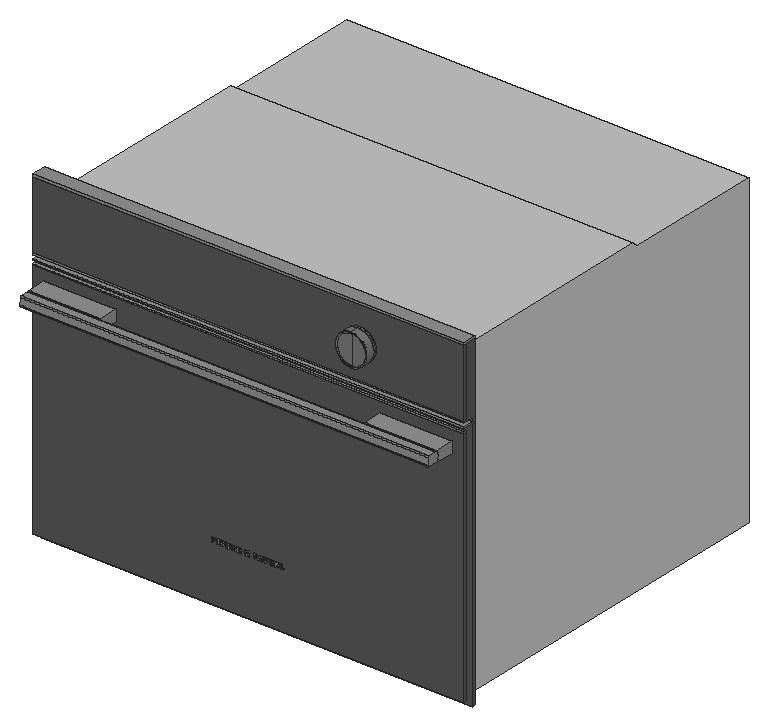
Revit family "FP-Revit19-en-OM24NMTDB1-CombinationSpeedOven-0-90003169A-US-CA", category Specialty Equipment, Revit 2019
Family settings
  Round Connector Dimension = Use Diameter
  Part Type = Normal
  OmniClass Number = 23.40.40.14.17.11
  OmniClass Title = Cookers, Ovens, Stoves
  Work Plane-Based = No
  Always vertical = Yes
  Cut with Voids When Loaded = Yes
  Shared = No
  Room Calculation Point = No
Parameters (values of type "OM24NMTDB1")
  Visibility - Clearance Required = yes
  URL = "www.fisherpaykel.com"
  Product - Height = 458 mm  # constant formula
  Product - Width = 596 mm  # constant formula
  Product - Depth (Exc. Handles) = 565 mm  # constant formula
  Opening - Height = 460 mm  # constant formula
  Model = "OM24NMTDB1"
  Material - Trim = Fisher & Paykel - Aluminium, Dark
  Material - Structure = Fisher & Paykel - Black
  Material - Handle = Fisher & Paykel - Aluminium, Dark
  Material - Glass = Fisher & Paykel - Glass, Black
  Material - Dial = Fisher & Paykel - Aluminium, Dark, Matt
  Material - Body = Fisher & Paykel - Grey
  Manufacturer = "Fisher & Paykel Appliances"
  FFL Offset [instance] = 915 mm
  Description = "Combination Microwave Speed Oven, 24\", 22 Function"
  Connector Description - Electrical = "208-240V , 50Hz , 25A"
  Chassis - Width = 556 mm  # constant formula
  Chassis - Height = 435 mm  # constant formula
  Chassis - Depth = 545 mm  # constant formula
  Cavity - Width = 560 mm  # constant formula
  Cavity - Height = 440 mm  # constant formula
  Cavity - Depth = 550 mm  # constant formula
Reference planes
  plane 1 "Datum": y = 0
  plane 2: z = -2
  plane 3 "Center (Left/Right)": x = 0
  plane 4 "Product - LHS": x = -298
  plane 5 "Product - RHS": x = 298
  plane 6 "Cavity - RHS": x = 280
  plane 7 "FFL Offset": z = 913
  plane 8 "Front Face": y = -20
  plane 9 "Chassis - Depth": y = 545
  plane 10 "Cavity - LHS": x = -280
  plane 11 "Opening - RHS": x = 300
  plane 12 "Opening - LHS": x = -300
  plane 13 "Chassis - LHS": x = -278
  plane 14 "Chassis - RHS": x = 278
  plane 15 "Chassis - Height": z = 1348
  plane 16 "Product - Height": z = 1371
  plane 17 "Cavity - Height": z = 1353
  plane 18 "Opening - Height": z = 1373
  plane 19 "Cavity - Depth": y = 550
Forms (mm)
  Extrusion 1, solid, material "Fisher & Paykel - Grey" <- "Material - Body"
    sketch origin (0, 0, 0) x (0, 1, 0) y (0, 0, 1)
      loop
        line (0, 1348) -> (0, 913) -> (528.001, 913) -> (528.001, 963) -> (545.001, 983) -> (545.001, 1178) -> (498, 1233) -> (498, 1341) -> (305, 1341) -> (298, 1348) -> (0, 1348)
    from -278 to 278
  Extrusion 2, solid, material "Fisher & Paykel - Black" <- "Material - Structure", detail levels fine
    sketch origin (0, 0, 0) x (0, 1, 0) y (0, 0, 1)
      loop
        line (0, 1367.7) -> (-16, 1367.7) -> (-16, 1271) -> (-4, 1271) -> (-4, 913) -> (0, 913) -> (0, 1367.7)
    from -298 to 298
  Extrusion 3, solid, material "Fisher & Paykel - Glass, Black" <- "Material - Glass", detail levels fine
    sketch origin (0, 0, -3) x (0, 1, 0) y (0, 0, 1)
      loop
        line (-20, 1261.4) -> (-20, 927.8) -> (-16, 927.8) -> (-16, 1261.4) -> (-20, 1261.4)
      loop
        line (-20, 1275.8) -> (-16, 1275.8) -> (-16, 1370.7) -> (-20, 1370.7) -> (-20, 1275.8)
    from -298 to 298
  Extrusion 4, solid, material "Fisher & Paykel - Clearance Required", visible <- "Visibility - Clearance Required", detail levels coarse
    sketch origin (0, 0, -2) x (1, 0, 0) y (0, 1, 0)
      loop
        line (-280, 0) -> (280, 0) -> (280, 550) -> (-280, 550) -> (-280, 0)
    from 915 to 1355
  Extrusion 5, void
    sketch origin (0, 0, 0) x (0, 1, 0) y (0, 0, 1)
      loop
        line (-20, 913) -> (0, 913) -> (0, 1373) -> (-20, 1373) -> (-20, 913)
    from -300 to 300
  Extrusion 6, solid, material "Fisher & Paykel - Aluminium, Dark" <- "Material - Trim", detail levels fine
    sketch origin (0, 0, -1.199) x (0, 1, 0) y (0, 0, 1)
      loop
        line (-16, 1272.199) -> (-16, 1273.999) -> (-20, 1273.999) -> (-20, 1272.199) -> (-16, 1272.199)
      loop
        line (-16, 1259.599) -> (-16, 1261.199) -> (-20, 1261.199) -> (-20, 1259.599) -> (-16, 1259.599)
      loop
        line (-4, 1265.799) -> (-4, 1267.399) -> (-20, 1267.399) -> (-20, 1265.799) -> (-4, 1265.799)
      loop
        line (0, 1368.899) -> (0, 1372.199) -> (-20, 1372.199) -> (-20, 1368.899) -> (0, 1368.899)
    from -298 to 298
  Extrusion 7, void
    sketch origin (0, 52, -2) x (1, 0, 0) y (0, 1, 0)
      loop
        line (229, 446) -> (278, 446) -> (278, 492.978) -> (201.878, 492.978) -> (229, 446)
      loop
        line (-229, 446) -> (-201.878, 492.978) -> (-278, 492.978) -> (-278, 446) -> (-229, 446)
    from 915 to 1355
  Extrusion 8, void
    sketch origin (0, 0, -2) x (1, 0, 0) y (0, 1, 0)
      loop
        line (-280, 0) -> (280, 0) -> (280, 550) -> (-280, 550) -> (-280, 0)
    from 915 to 1355
  Extrusion 9, solid, material "Fisher & Paykel - Glass, Black" <- "Material - Glass", detail levels coarse+medium
    sketch origin (0, 0, 0) x (0, 1, 0) y (0, 0, 1)
      loop
        line (0, 1371) -> (-20, 1371) -> (-20, 1271) -> (-4, 1271) -> (-4, 1266.2) -> (-4, 1257.5) -> (-16, 1257.5) -> (-16, 1260) -> (-20, 1260) -> (-20, 924.8) -> (-4, 924.8) -> (-4, 913) -> (0, 913) -> (0, 1371)
    from -298 to 298
  Extrusion 10, solid, material "Fisher & Paykel - Black", detail levels fine
    sketch origin (0, 0, 0) x (0, 1, 0) y (0, 0, 1)
      loop
        line (-16, 1257.5) -> (-16, 924.8) -> (-4, 924.8) -> (-4, 1257.5) -> (-16, 1257.5)
    from -278 to 278
  Extrusion 11, solid, material "Fisher & Paykel - Clearance Required", visible <- "Visibility - Clearance Required", detail levels coarse
    sketch origin (0, 0, -15) x (0, 1, 0) y (0, 0, 1)
      loop
        line (-20, 942.07) -> (-20, 928) -> (0, 928) -> (0, 1388) -> (-20, 1388) -> (-20, 1275)
        arc (-20, 1275) -> (-242.697, 1199.786) -> (-349.951, 990.626) r 312.455
        line (-349.951, 990.626) -> (-323.58, 986.745) -> (-329.921, 943.657) -> (-313.601, 941.256) -> (-307.26, 984.344) -> (-20, 942.07)
    from -300 to 300
  Extrusion 12, void
    sketch origin (0, 0, 0) x (1, 0, 0) y (0, 0, 1)
      loop
        line (-132, 1255) -> (-140, 1255) -> (-140, 1247) -> (-132, 1247) -> (-132, 1255)
      loop
        line (-141, 1255) -> (-149, 1255) -> (-149, 1247) -> (-141, 1247) -> (-141, 1255)
      loop
        line (-150, 1255) -> (-158, 1255) -> (-158, 1247) -> (-150, 1247) -> (-150, 1255)
      loop
        line (-159, 1255) -> (-167, 1255) -> (-167, 1247) -> (-159, 1247) -> (-159, 1255)
      loop
        line (-168, 1255) -> (-176, 1255) -> (-176, 1247) -> (-168, 1247) -> (-168, 1255)
      loop
        line (-177, 1255) -> (-185, 1255) -> (-185, 1247) -> (-177, 1247) -> (-177, 1255)
      loop
        line (-186, 1255) -> (-194, 1255) -> (-194, 1247) -> (-186, 1247) -> (-186, 1255)
      loop
        line (-195, 1255) -> (-203, 1255) -> (-203, 1247) -> (-195, 1247) -> (-195, 1255)
      loop
        line (-204, 1255) -> (-212, 1255) -> (-212, 1247) -> (-204, 1247) -> (-204, 1255)
      loop
        line (-213, 1255) -> (-221, 1255) -> (-221, 1247) -> (-213, 1247) -> (-213, 1255)
      loop
        line (-222, 1255) -> (-230, 1255) -> (-230, 1247) -> (-222, 1247) -> (-222, 1255)
      loop
        line (-231, 1255) -> (-239, 1255) -> (-239, 1247) -> (-231, 1247) -> (-231, 1255)
      loop
        line (-240, 1255) -> (-248, 1255) -> (-248, 1247) -> (-240, 1247) -> (-240, 1255)
      loop
        line (-249, 1255) -> (-257, 1255) -> (-257, 1247) -> (-249, 1247) -> (-249, 1255)
      loop
        line (-258, 1255) -> (-266, 1255) -> (-266, 1247) -> (-258, 1247) -> (-258, 1255)
      loop
        line (-213, 1246) -> (-221, 1246) -> (-221, 1238) -> (-213, 1238) -> (-213, 1246)
      loop
        line (-222, 1246) -> (-230, 1246) -> (-230, 1238) -> (-222, 1238) -> (-222, 1246)
      loop
        line (-231, 1246) -> (-239, 1246) -> (-239, 1238) -> (-231, 1238) -> (-231, 1246)
      loop
        line (-240, 1246) -> (-248, 1246) -> (-248, 1238) -> (-240, 1238) -> (-240, 1246)
      loop
        line (-249, 1246) -> (-257, 1246) -> (-257, 1238) -> (-249, 1238) -> (-249, 1246)
      loop
        line (-258, 1246) -> (-266, 1246) -> (-266, 1238) -> (-258, 1238) -> (-258, 1246)
      loop
        line (-132, 1264) -> (-140, 1264) -> (-140, 1256) -> (-132, 1256) -> (-132, 1264)
      loop
        line (-141, 1264) -> (-149, 1264) -> (-149, 1256) -> (-141, 1256) -> (-141, 1264)
      loop
        line (-150, 1264) -> (-158, 1264) -> (-158, 1256) -> (-150, 1256) -> (-150, 1264)
      loop
        line (-159, 1264) -> (-167, 1264) -> (-167, 1256) -> (-159, 1256) -> (-159, 1264)
      loop
        line (-168, 1264) -> (-176, 1264) -> (-176, 1256) -> (-168, 1256) -> (-168, 1264)
      loop
        line (-177, 1264) -> (-185, 1264) -> (-185, 1256) -> (-177, 1256) -> (-177, 1264)
      loop
        line (-186, 1264) -> (-194, 1264) -> (-194, 1256) -> (-186, 1256) -> (-186, 1264)
      loop
        line (-195, 1264) -> (-203, 1264) -> (-203, 1256) -> (-195, 1256) -> (-195, 1264)
      loop
        line (-204, 1264) -> (-212, 1264) -> (-212, 1256) -> (-204, 1256) -> (-204, 1264)
      loop
        line (-213, 1264) -> (-221, 1264) -> (-221, 1256) -> (-213, 1256) -> (-213, 1264)
      loop
        line (-222, 1264) -> (-230, 1264) -> (-230, 1256) -> (-222, 1256) -> (-222, 1264)
      loop
        line (-231, 1264) -> (-239, 1264) -> (-239, 1256) -> (-231, 1256) -> (-231, 1264)
      loop
        line (-240, 1264) -> (-248, 1264) -> (-248, 1256) -> (-240, 1256) -> (-240, 1264)
      loop
        line (-249, 1264) -> (-257, 1264) -> (-257, 1256) -> (-249, 1256) -> (-249, 1264)
      loop
        line (-258, 1264) -> (-266, 1264) -> (-266, 1256) -> (-258, 1256) -> (-258, 1264)
      loop
        line (-132, 1273) -> (-140, 1273) -> (-140, 1265) -> (-132, 1265) -> (-132, 1273)
      loop
        line (-141, 1273) -> (-149, 1273) -> (-149, 1265) -> (-141, 1265) -> (-141, 1273)
      loop
        line (-150, 1273) -> (-158, 1273) -> (-158, 1265) -> (-150, 1265) -> (-150, 1273)
      loop
        line (-159, 1273) -> (-167, 1273) -> (-167, 1265) -> (-159, 1265) -> (-159, 1273)
      loop
        line (-168, 1273) -> (-176, 1273) -> (-176, 1265) -> (-168, 1265) -> (-168, 1273)
      loop
        line (-177, 1273) -> (-185, 1273) -> (-185, 1265) -> (-177, 1265) -> (-177, 1273)
      loop
        line (-186, 1273) -> (-194, 1273) -> (-194, 1265) -> (-186, 1265) -> (-186, 1273)
      loop
        line (-195, 1273) -> (-203, 1273) -> (-203, 1265) -> (-195, 1265) -> (-195, 1273)
      loop
        line (-204, 1273) -> (-212, 1273) -> (-212, 1265) -> (-204, 1265) -> (-204, 1273)
      loop
        line (-213, 1273) -> (-221, 1273) -> (-221, 1265) -> (-213, 1265) -> (-213, 1273)
      loop
        line (-222, 1273) -> (-230, 1273) -> (-230, 1265) -> (-222, 1265) -> (-222, 1273)
      loop
        line (-231, 1273) -> (-239, 1273) -> (-239, 1265) -> (-231, 1265) -> (-231, 1273)
      loop
        line (-240, 1273) -> (-248, 1273) -> (-248, 1265) -> (-240, 1265) -> (-240, 1273)
      loop
        line (-249, 1273) -> (-257, 1273) -> (-257, 1265) -> (-249, 1265) -> (-249, 1273)
      loop
        line (-258, 1273) -> (-266, 1273) -> (-266, 1265) -> (-258, 1265) -> (-258, 1273)
      loop
        line (-132, 1282) -> (-140, 1282) -> (-140, 1274) -> (-132, 1274) -> (-132, 1282)
      loop
        line (-141, 1282) -> (-149, 1282) -> (-149, 1274) -> (-141, 1274) -> (-141, 1282)
      loop
        line (-150, 1282) -> (-158, 1282) -> (-158, 1274) -> (-150, 1274) -> (-150, 1282)
      loop
        line (-159, 1282) -> (-167, 1282) -> (-167, 1274) -> (-159, 1274) -> (-159, 1282)
      loop
        line (-168, 1282) -> (-176, 1282) -> (-176, 1274) -> (-168, 1274) -> (-168, 1282)
      loop
        line (-177, 1282) -> (-185, 1282) -> (-185, 1274) -> (-177, 1274) -> (-177, 1282)
      loop
        line (-186, 1282) -> (-194, 1282) -> (-194, 1274) -> (-186, 1274) -> (-186, 1282)
      loop
        line (-195, 1282) -> (-203, 1282) -> (-203, 1274) -> (-195, 1274) -> (-195, 1282)
      loop
        line (-204, 1282) -> (-212, 1282) -> (-212, 1274) -> (-204, 1274) -> (-204, 1282)
      loop
        line (-213, 1282) -> (-221, 1282) -> (-221, 1274) -> (-213, 1274) -> (-213, 1282)
      loop
        line (-222, 1282) -> (-230, 1282) -> (-230, 1274) -> (-222, 1274) -> (-222, 1282)
      loop
        line (-231, 1282) -> (-239, 1282) -> (-239, 1274) -> (-231, 1274) -> (-231, 1282)
      loop
        line (-240, 1282) -> (-248, 1282) -> (-248, 1274) -> (-240, 1274) -> (-240, 1282)
      loop
        line (-249, 1282) -> (-257, 1282) -> (-257, 1274) -> (-249, 1274) -> (-249, 1282)
      loop
        line (-258, 1282) -> (-266, 1282) -> (-266, 1274) -> (-258, 1274) -> (-258, 1282)
      loop
        line (-132, 1291) -> (-140, 1291) -> (-140, 1283) -> (-132, 1283) -> (-132, 1291)
      loop
        line (-141, 1291) -> (-149, 1291) -> (-149, 1283) -> (-141, 1283) -> (-141, 1291)
      loop
        line (-150, 1291) -> (-158, 1291) -> (-158, 1283) -> (-150, 1283) -> (-150, 1291)
      loop
        line (-159, 1291) -> (-167, 1291) -> (-167, 1283) -> (-159, 1283) -> (-159, 1291)
      loop
        line (-168, 1291) -> (-176, 1291) -> (-176, 1283) -> (-168, 1283) -> (-168, 1291)
      loop
        line (-177, 1291) -> (-185, 1291) -> (-185, 1283) -> (-177, 1283) -> (-177, 1291)
      loop
        line (-186, 1291) -> (-194, 1291) -> (-194, 1283) -> (-186, 1283) -> (-186, 1291)
      loop
        line (-195, 1291) -> (-203, 1291) -> (-203, 1283) -> (-195, 1283) -> (-195, 1291)
      loop
        line (-204, 1291) -> (-212, 1291) -> (-212, 1283) -> (-204, 1283) -> (-204, 1291)
      loop
        line (-213, 1291) -> (-221, 1291) -> (-221, 1283) -> (-213, 1283) -> (-213, 1291)
      loop
        line (-222, 1291) -> (-230, 1291) -> (-230, 1283) -> (-222, 1283) -> (-222, 1291)
      loop
        line (-231, 1291) -> (-239, 1291) -> (-239, 1283) -> (-231, 1283) -> (-231, 1291)
      loop
        line (-240, 1291) -> (-248, 1291) -> (-248, 1283) -> (-240, 1283) -> (-240, 1291)
      loop
        line (-249, 1291) -> (-257, 1291) -> (-257, 1283) -> (-249, 1283) -> (-249, 1291)
      loop
        line (-258, 1291) -> (-266, 1291) -> (-266, 1283) -> (-258, 1283) -> (-258, 1291)
      loop
        line (-132, 1300) -> (-140, 1300) -> (-140, 1292) -> (-132, 1292) -> (-132, 1300)
      loop
        line (-141, 1300) -> (-149, 1300) -> (-149, 1292) -> (-141, 1292) -> (-141, 1300)
      loop
        line (-150, 1300) -> (-158, 1300) -> (-158, 1292) -> (-150, 1292) -> (-150, 1300)
      loop
        line (-159, 1300) -> (-167, 1300) -> (-167, 1292) -> (-159, 1292) -> (-159, 1300)
      loop
        line (-168, 1300) -> (-176, 1300) -> (-176, 1292) -> (-168, 1292) -> (-168, 1300)
      loop
        line (-177, 1300) -> (-185, 1300) -> (-185, 1292) -> (-177, 1292) -> (-177, 1300)
      loop
        line (-186, 1300) -> (-194, 1300) -> (-194, 1292) -> (-186, 1292) -> (-186, 1300)
      loop
        line (-195, 1300) -> (-203, 1300) -> (-203, 1292) -> (-195, 1292) -> (-195, 1300)
      loop
        line (-204, 1300) -> (-212, 1300) -> (-212, 1292) -> (-204, 1292) -> (-204, 1300)
      loop
        line (-213, 1300) -> (-221, 1300) -> (-221, 1292) -> (-213, 1292) -> (-213, 1300)
      loop
        line (-222, 1300) -> (-230, 1300) -> (-230, 1292) -> (-222, 1292) -> (-222, 1300)
      loop
        line (-231, 1300) -> (-239, 1300) -> (-239, 1292) -> (-231, 1292) -> (-231, 1300)
      loop
        line (-240, 1300) -> (-248, 1300) -> (-248, 1292) -> (-240, 1292) -> (-240, 1300)
      loop
        line (-249, 1300) -> (-257, 1300) -> (-257, 1292) -> (-249, 1292) -> (-249, 1300)
      loop
        line (-258, 1300) -> (-266, 1300) -> (-266, 1292) -> (-258, 1292) -> (-258, 1300)
      loop
        line (-204, 1309) -> (-212, 1309) -> (-212, 1301) -> (-204, 1301) -> (-204, 1309)
      loop
        line (-213, 1309) -> (-221, 1309) -> (-221, 1301) -> (-213, 1301) -> (-213, 1309)
      loop
        line (-222, 1309) -> (-230, 1309) -> (-230, 1301) -> (-222, 1301) -> (-222, 1309)
      loop
        line (-231, 1309) -> (-239, 1309) -> (-239, 1301) -> (-231, 1301) -> (-231, 1309)
      loop
        line (-240, 1309) -> (-248, 1309) -> (-248, 1301) -> (-240, 1301) -> (-240, 1309)
      loop
        line (-249, 1309) -> (-257, 1309) -> (-257, 1301) -> (-249, 1301) -> (-249, 1309)
      loop
        line (-258, 1309) -> (-266, 1309) -> (-266, 1301) -> (-258, 1301) -> (-258, 1309)
      loop
        line (-204, 1318) -> (-212, 1318) -> (-212, 1310) -> (-204, 1310) -> (-204, 1318)
      loop
        line (-213, 1318) -> (-221, 1318) -> (-221, 1310) -> (-213, 1310) -> (-213, 1318)
      loop
        line (-222, 1318) -> (-230, 1318) -> (-230, 1310) -> (-222, 1310) -> (-222, 1318)
      loop
        line (-231, 1318) -> (-239, 1318) -> (-239, 1310) -> (-231, 1310) -> (-231, 1318)
      loop
        line (-240, 1318) -> (-248, 1318) -> (-248, 1310) -> (-240, 1310) -> (-240, 1318)
      loop
        line (-249, 1318) -> (-257, 1318) -> (-257, 1310) -> (-249, 1310) -> (-249, 1318)
      loop
        line (-258, 1318) -> (-266, 1318) -> (-266, 1310) -> (-258, 1310) -> (-258, 1318)
      loop
        line (-204, 1327) -> (-212, 1327) -> (-212, 1319) -> (-204, 1319) -> (-204, 1327)
      loop
        line (-213, 1327) -> (-221, 1327) -> (-221, 1319) -> (-213, 1319) -> (-213, 1327)
      loop
        line (-222, 1327) -> (-230, 1327) -> (-230, 1319) -> (-222, 1319) -> (-222, 1327)
      loop
        line (-231, 1327) -> (-239, 1327) -> (-239, 1319) -> (-231, 1319) -> (-231, 1327)
      loop
        line (-240, 1327) -> (-248, 1327) -> (-248, 1319) -> (-240, 1319) -> (-240, 1327)
      loop
        line (-249, 1327) -> (-257, 1327) -> (-257, 1319) -> (-249, 1319) -> (-249, 1327)
      loop
        line (-258, 1327) -> (-266, 1327) -> (-266, 1319) -> (-258, 1319) -> (-258, 1327)
    from -498 to -497
Cuts and joins
  Extrusion 7, Extrusion 12 cuts Extrusion 1
  Extrusion 12 cuts Extrusion 2
  Extrusion 12 cuts Extrusion 3
  Extrusion 12 cuts Extrusion 6
  Extrusion 12 cuts Extrusion 9
  Extrusion 12 cuts Extrusion 10
  Extrusion 12 cuts Extrusion 11
Text (mm)
  text "Due to ongoing product development, product details are subject to change without notice. \nPlease always refer to www.fisherpaykel.com for the most current product information. \n© Fisher & Paykel 2020" at (41.04, -613.295, 0), in view "Ref. Level (Plan)"
Dimensions and locks
  equal spacing: plane 4 "Product - LHS", plane 3 "Center (Left/Right)", plane 5 "Product - RHS"
  "Product - Width": plane 4 "Product - LHS" to plane 5 "Product - RHS"
  "FFL Offset": plane 7 "FFL Offset" to level
  locked: plane 8 "Front Face" to plane 1 "Datum" at 20
  "Cavity - Width": plane 10 "Cavity - LHS" to plane 6 "Cavity - RHS"
  locked: Extrusion 5 to Extrusion 3 at 11.8
  equal spacing: plane 10 "Cavity - LHS", plane 3 "Center (Left/Right)", plane 6 "Cavity - RHS"
  equal spacing: cut or joined group of Extrusion 1, Extrusion 7, Extrusion 12, plane 3 "Center (Left/Right)", cut or joined group of Extrusion 1, Extrusion 7, Extrusion 12
  "Chassis - Width": cut or joined group of Extrusion 1, Extrusion 7, Extrusion 12 to cut or joined group of Extrusion 1, Extrusion 7, Extrusion 12
  "Chassis - Depth": plane 1 "Datum" to plane 9 "Chassis - Depth"
  plane 8 "Front Face" to plane 9 "Chassis - Depth" = 565 mm
  "Opening - Height": plane 7 "FFL Offset" to plane 18 "Opening - Height"
  "Product - Height": plane 7 "FFL Offset" to plane 16 "Product - Height"
  "Cavity - Height": plane 7 "FFL Offset" to plane 17 "Cavity - Height"
  "Chassis - Height": plane 15 "Chassis - Height" to plane 7 "FFL Offset"
  locked: plane 16 "Product - Height" to nested 3 at 135
  locked: plane 16 "Product - Height" to nested 2 at 366.018
  locked: nested 1 to plane 16 "Product - Height" at 52
  "Cavity - Depth": plane 1 "Datum" to plane 19 "Cavity - Depth"
  locked: plane 16 "Product - Height" to nested 4 at 114.692
  aligned and locked: level to plane 2
  aligned and locked: plane 4 "Product - LHS" to Extrusion 3
  aligned and locked: Extrusion 3 to plane 5 "Product - RHS"
  aligned and locked: plane 4 "Product - LHS" to Extrusion 2
  aligned and locked: Extrusion 2 to plane 5 "Product - RHS"
  aligned and locked: Extrusion 1 to plane 7 "FFL Offset"
  aligned and locked: Extrusion 6 to plane 5 "Product - RHS"
  aligned and locked: Extrusion 6 to Extrusion 3
  aligned and locked: Extrusion 5 to Extrusion 3
  aligned and locked: Extrusion 3 to Extrusion 6
  aligned and locked: Extrusion 6 to plane 1 "Datum"
  aligned and locked: plane 8 "Front Face" to Extrusion 5
  aligned and locked: Extrusion 4 to plane 6 "Cavity - RHS"
  aligned and locked: Extrusion 5 to Extrusion 2
  aligned and locked: Extrusion 6 to Extrusion 2
  aligned and locked: Extrusion 4 to Extrusion 2
  aligned and locked: Extrusion 4 to Extrusion 7
  aligned and locked: Extrusion 4 to plane 7 "FFL Offset"
  aligned and locked: Extrusion 1 to Extrusion 7
  aligned and locked: Extrusion 2 to Extrusion 8
  aligned and locked: Extrusion 3 to Extrusion 10
  aligned and locked: Extrusion 2 to Extrusion 3
  aligned and locked: cut or joined group of Extrusion 1, Extrusion 7, Extrusion 12 to Extrusion 12
  aligned and locked: Extrusion 8 to Extrusion 4
  aligned and locked: Extrusion 8 to plane 7 "FFL Offset"
  aligned and locked: Extrusion 8 to plane 17 "Cavity - Height"
  aligned and locked: Extrusion 9 to plane 5 "Product - RHS"
  aligned and locked: plane 4 "Product - LHS" to Extrusion 9
Automatic sketch dimensions
  Extrusion 2 sketch curve to plane 7 "FFL Offset" = 0 mm
  Extrusion 2 sketch curve to plane 1 "Datum" = 0 mm
  plane 1 "Datum" to Extrusion 2 sketch curve = 4 mm
  Extrusion 2 sketch curve to plane 8 "Front Face" = 4 mm
  Extrusion 3 sketch curve to plane 8 "Front Face" = 0 mm  (x2)
  Extrusion 3 sketch curve to Extrusion 3 sketch curve = 4 mm  (x2)
  plane 7 "FFL Offset" to Extrusion 3 sketch curve = 11.8 mm
  Extrusion 3 sketch curve to Extrusion 3 sketch curve = 14.4 mm
  Extrusion 4 sketch curve to plane 10 "Cavity - LHS" = 0 mm
  Extrusion 4 sketch curve to plane 6 "Cavity - RHS" = 0 mm
  plane 1 "Datum" to Extrusion 4 sketch curve = 0 mm
  Extrusion 5 sketch curve to plane 8 "Front Face" = 0 mm
  Extrusion 5 sketch curve to plane 1 "Datum" = 0 mm
  Extrusion 5 sketch curve to plane 7 "FFL Offset" = 0 mm
  Extrusion 6 sketch curve to plane 8 "Front Face" = 0 mm  (x4)
  Extrusion 6 sketch curve to plane 1 "Datum" = 0 mm
  Extrusion 6 sketch curve to Extrusion 6 sketch curve = 4 mm  (x2)
  plane 1 "Datum" to Extrusion 6 sketch curve = 4 mm
  Extrusion 6 sketch curve to Extrusion 6 sketch curve = 1.8 mm
  Extrusion 6 sketch curve to Extrusion 6 sketch curve = 4.8 mm
  Extrusion 6 sketch curve to Extrusion 6 sketch curve = 1.6 mm  (x2)
  Extrusion 6 sketch curve to Extrusion 6 sketch curve = 4.6 mm
  Extrusion 7 sketch curve to plane 13 "Chassis - LHS" = 0 mm
  Extrusion 7 sketch curve to plane 14 "Chassis - RHS" = 0 mm
  Extrusion 7 sketch curve to plane 13 "Chassis - LHS" = 49 mm
  plane 9 "Chassis - Depth" to Extrusion 7 sketch curve = 0.022 mm  (x2)
  Extrusion 7 sketch curve to Extrusion 7 sketch curve = 27.122 mm
  plane 14 "Chassis - RHS" to Extrusion 7 sketch curve = 76.122 mm
  plane 14 "Chassis - RHS" to Extrusion 7 sketch curve = 49 mm
  Extrusion 8 sketch curve to plane 10 "Cavity - LHS" = 0 mm
  Extrusion 8 sketch curve to plane 6 "Cavity - RHS" = 0 mm
  plane 1 "Datum" to Extrusion 8 sketch curve = 0 mm
  Extrusion 9 sketch curve to plane 8 "Front Face" = 0 mm  (x2)
  Extrusion 9 sketch curve to plane 7 "FFL Offset" = 0 mm
  Extrusion 9 sketch curve to plane 1 "Datum" = 0 mm
  Extrusion 9 sketch curve to Extrusion 9 sketch curve = 4 mm
  plane 1 "Datum" to Extrusion 9 sketch curve = 4 mm  (x2)
  plane 7 "FFL Offset" to Extrusion 9 sketch curve = 11.8 mm
  Extrusion 9 sketch curve to Extrusion 9 sketch curve = 2.5 mm
  Extrusion 9 sketch curve to Extrusion 9 sketch curve = 8.7 mm
  Extrusion 9 sketch curve to Extrusion 9 sketch curve = 11 mm
  Extrusion 10 sketch curve to plane 8 "Front Face" = 4 mm
  plane 1 "Datum" to Extrusion 10 sketch curve = 4 mm
  plane 7 "FFL Offset" to Extrusion 10 sketch curve = 11.8 mm
  Extrusion 11 sketch curve to plane 8 "Front Face" = 0 mm  (x2)
  Extrusion 11 sketch curve to plane 1 "Datum" = 0 mm
  Extrusion 11 sketch curve to plane 7 "FFL Offset" = 0 mm
  plane 8 "Front Face" to Extrusion 11 sketch curve = 18.71 mm
  plane 7 "FFL Offset" to Extrusion 11 sketch curve = 56.344 mm
  Extrusion 11 sketch curve to Extrusion 11 sketch curve = 268.55 mm
  plane 7 "FFL Offset" to Extrusion 11 sketch curve = 13.256 mm
  Extrusion 11 sketch curve to Extrusion 11 sketch curve = 6.341 mm
  plane 7 "FFL Offset" to Extrusion 11 sketch curve = 58.745 mm
  Extrusion 11 sketch curve to Extrusion 11 sketch curve = 16.32 mm
  plane 7 "FFL Offset" to Extrusion 11 sketch curve = 62.626 mm
  Extrusion 11 sketch curve to Extrusion 11 sketch curve = 21.035 mm
  plane 7 "FFL Offset" to Extrusion 2 sketch curve = 358 mm
  Extrusion 2 sketch curve to Extrusion 2 sketch curve = 96.7 mm
  Extrusion 3 sketch curve to Extrusion 3 sketch curve = 333.6 mm
  Extrusion 3 sketch curve to Extrusion 3 sketch curve = 94.9 mm
  plane 7 "FFL Offset" to Extrusion 5 sketch curve = 460 mm
  plane 7 "FFL Offset" to Extrusion 6 sketch curve = 345.4 mm
  Extrusion 6 sketch curve to Extrusion 6 sketch curve = 94.9 mm
  Extrusion 6 sketch curve to Extrusion 6 sketch curve = 3.3 mm
  Extrusion 9 sketch curve to Extrusion 9 sketch curve = 332.7 mm
  Extrusion 9 sketch curve to Extrusion 9 sketch curve = 100 mm
  Extrusion 10 sketch curve to Extrusion 10 sketch curve = 332.7 mm
  Extrusion 11 sketch curve to Extrusion 11 sketch curve = 113 mm
  Extrusion 12 sketch curve to plane 13 "Chassis - LHS" = 12 mm  (x3)
  Extrusion 12 sketch curve to Extrusion 12 sketch curve = 0 mm  (x254)
  Extrusion 12 sketch curve to Extrusion 12 sketch curve = 8 mm  (x82)
  Extrusion 12 sketch curve to Extrusion 12 sketch curve = 1 mm  (x128)
  plane 7 "FFL Offset" to Extrusion 12 sketch curve = 325 mm
  Extrusion 4 sketch curve to plane 9 "Chassis - Depth" = 5 mm
  Extrusion 8 sketch curve to plane 9 "Chassis - Depth" = 5 mm
  plane 9 "Chassis - Depth" to Extrusion 7 sketch curve = 47 mm  (x2)
  Extrusion 1 sketch curve to plane 1 "Datum" = 0 mm
  Extrusion 1 sketch curve to plane 15 "Chassis - Height" = 0 mm
  Extrusion 1 sketch curve to plane 7 "FFL Offset" = 0 mm
  plane 9 "Chassis - Depth" to Extrusion 1 sketch curve = 247 mm
  Extrusion 1 sketch curve to Extrusion 1 sketch curve = 7 mm
  Extrusion 1 sketch curve to plane 15 "Chassis - Height" = 7 mm
  plane 9 "Chassis - Depth" to Extrusion 1 sketch curve = 47 mm
  plane 9 "Chassis - Depth" to Extrusion 1 sketch curve = 16.999 mm
  Extrusion 1 sketch curve to plane 9 "Chassis - Depth" = 0.001 mm
  Extrusion 1 sketch curve to Extrusion 1 sketch curve = 50 mm
  Extrusion 1 sketch curve to Extrusion 1 sketch curve = 20 mm
  Extrusion 1 sketch curve to Extrusion 1 sketch curve = 163 mm
  Extrusion 1 sketch curve to Extrusion 1 sketch curve = 55 mm
Nested families
  nested 1: "F&P Dial Minimal Oven" at (155.3, -20, 1319), type "F&P Dial Minimal Oven"
  nested 2: "F&P Logo 100mm" at (0.044, -20, 1002.177), type "Grey"
  nested 3: "F&P Handle Contemporary Square Fine OB60-24" at (0, -20, 1236.022), type "Aluminium Black"
  nested 4: "F&P Power Connection Oven" at (210.537, 515.21, 1298.335) x (0, -1, 0) z (0, 0, 1), type "F&P Power Connection Cooktop"
Connectors
  electrical at (-262, 498, 1305), driven by "Connector Description - Electrical"
    settings: on cut or joined group of Extrusion 1, Extrusion 7, Extrusion 12, index 1, voltage 120 V, apparent load 0 VA, apparent load phase1 0 VA, apparent load phase2 0 VA, apparent load phase3 0 VA, power factor 1, load classification "Other", number of poles 1, system type 31, power factor state 1, is connector primary yes, connector utility no, sub classification motor no, connector description "208-240V , 50Hz , 25A"
Definition of nested family "F&P Dial Minimal Oven"
  Parameters (values of type "F&P Dial Minimal Oven")
    URL = "www.fisherpaykel.com"
    Material - Buttons and Dials = none
    Manufacturer = "Fisher & Paykel Appliances"
  Reference planes
    plane 1 "Center (Front/Back)": y = 0
    plane 2: z = 0
    plane 3 "Center (Left/Right)": x = 0
    plane 4: x = 0
    plane 5 "Dial": z = 0
  Forms (mm)
    Revolve 1, solid, material <- "Material - Buttons and Dials", detail levels fine
      sketch origin (0, 0, 0) x (0, 1, 0) y (0, 0, 1)
        loop
          line (-15.2, 0) -> (0, 0) -> (0, 22) -> (-0.8, 22) -> (-0.8, 18.5) -> (-4.2, 18.5) -> (-4.2, 20.136) -> (-4.7, 22) -> (-15.8, 22) -> (-15.8, 21.2) -> (-15.301, 20) -> (-15.301, 0)
        axis (-15.8, 0) -> (0, 0)
      angle from 0 to 360
    Revolve 2, solid, material <- "Material - Buttons and Dials", detail levels coarse+medium
      sketch origin (0, 0, 0) x (0, 1, 0) y (0, 0, 1)
        loop
          line (0, 18.5) -> (-4.2, 18.5) -> (-4.2, 22) -> (-15.8, 22) -> (-15.8, 0) -> (0, 0) -> (0, 18.5)
        axis (-15.8, 0) -> (0, 0)
      angle from 0 to 360
  Dimensions and locks
    aligned and locked: level to plane 2
Definition of nested family "F&P Logo 100mm"
  Parameters (values of type "Grey")
    URL = "www.fisherpaykel.com"
    Material - Logo = none
    Manufacturer = "Fisher & Paykel Appliances"
  Reference planes
    plane 1 "Center (Front/Back)": y = 0
    plane 2: z = 0
    plane 3 "Center (Left/Right)": x = 0
    plane 4 "Logo": z = 2.805
  Forms (mm)
    Extrusion 1, solid, material <- "Material - Logo", detail levels fine
      sketch origin (0, 0, 0) x (1, 0, 0) y (0, 0, 1)
        loop
          line (-50.044, 0) -> (-48.47, 0) -> (-48.47, 2.138) -> (-46.011, 2.138) -> (-46.011, 3.472) -> (-48.47, 3.472) -> (-48.47, 4.712) -> (-45.795, 4.712) -> (-45.795, 6.04) -> (-50.044, 6.04) -> (-50.044, 0)
        loop
          line (-42.804, 6.04) -> (-42.804, 0) -> (-41.23, 0) -> (-41.23, 6.04) -> (-42.804, 6.04)
        loop
          line (-30.724, 6.04) -> (-30.724, 0) -> (-29.151, 0) -> (-29.151, 2.42) -> (-26.839, 2.42) -> (-26.839, 0) -> (-25.265, 0) -> (-25.265, 6.04) -> (-26.839, 6.04) -> (-26.839, 3.748) -> (-29.151, 3.748) -> (-29.151, 6.04) -> (-30.724, 6.04)
        loop
          line (-21.906, 6.04) -> (-21.906, 0) -> (-17.602, 0) -> (-17.602, 1.328) -> (-20.347, 1.328) -> (-20.347, 2.42) -> (-17.838, 2.42) -> (-17.838, 3.748) -> (-20.347, 3.748) -> (-20.347, 4.712) -> (-17.602, 4.712) -> (-17.602, 6.04) -> (-21.906, 6.04)
        loop
          line (45.667, 6.04) -> (45.667, 0) -> (49.956, 0) -> (49.956, 1.328) -> (47.241, 1.328) -> (47.241, 6.04) -> (45.667, 6.04)
        loop
          line (42.431, 6.04) -> (38.112, 6.04) -> (38.112, 0) -> (42.431, 0) -> (42.431, 1.328) -> (39.687, 1.328) -> (39.687, 2.42) -> (42.195, 2.42) -> (42.195, 3.748) -> (39.687, 3.748) -> (39.687, 4.712) -> (42.431, 4.712) -> (42.431, 6.04)
        loop
          line (33.443, 3.137) -> (35.683, 6.04) -> (33.844, 6.04) -> (31.915, 3.542) -> (31.915, 6.04) -> (30.342, 6.04) -> (30.342, 0) -> (31.915, 0) -> (31.915, 2.705) -> (33.903, 0) -> (35.747, 0) -> (33.443, 3.137)
        loop
          line (21.98, 6.04) -> (24.262, 2.42) -> (24.262, 0) -> (25.837, 0) -> (25.837, 2.341) -> (28.119, 6.04) -> (26.446, 6.04) -> (25.099, 3.707) -> (23.753, 6.04) -> (21.98, 6.04)
        loop
          line (18.479, 6.04) -> (16.983, 6.04) -> (14.524, 0) -> (16.069, 0) -> (16.501, 1.112) -> (18.786, 1.112) -> (19.219, 0) -> (20.938, 0) -> (18.479, 6.04)
        loop
          line (18.4, 2.439) -> (17.693, 4.174) -> (17.018, 2.439) -> (18.4, 2.439)
        loop
          line (8.031, 6.04) -> (8.031, 0) -> (9.605, 0) -> (9.605, 1.938) -> (10.599, 1.938)
          arc (10.599, 1.938) -> (12.65, 3.989) -> (10.599, 6.04) r 2.051
          line (10.599, 6.04) -> (8.031, 6.04)
        loop
          line (9.605, 4.712) -> (9.605, 3.197) -> (10.501, 3.197)
          arc (10.501, 3.197) -> (11.259, 3.954) -> (10.501, 4.712) r 0.757
          line (10.501, 4.712) -> (9.605, 4.712)
        loop
          line (-11.783, 6.04) -> (-14.366, 6.04) -> (-14.366, 0) -> (-12.792, 0) -> (-12.792, 1.336) -> (-11.992, 1.336) -> (-10.972, 0) -> (-9.153, 0) -> (-10.694, 1.973)
          arc (-10.694, 1.973) -> (-9.678, 4.424) -> (-11.783, 6.04) r 2.179
        loop
          line (-11.897, 4.712) -> (-12.792, 4.712) -> (-12.792, 3.053) -> (-11.897, 3.053)
          arc (-11.897, 3.053) -> (-11.068, 3.882) -> (-11.897, 4.712) r 0.83
        loop
          line (0.477, 4.712) -> (0.477, 6.153) -> (-3.575, 6.153) -> (-3.575, 4.851) -> (-2.974, 4.112)
          arc (-2.974, 4.112) -> (-3.51, 0.684) -> (-0.045, 0.512) r 2.334
          line (-0.045, 0.512) -> (0.46, -0.109) -> (2.246, -0.109) -> (0.86, 1.594) -> (2.061, 3.324) -> (0.443, 3.324) -> (-0.013, 2.667) -> (-1.677, 4.712) -> (0.477, 4.712)
        loop
          arc (-2.125, 3.068) -> (-2.269, 1.668) -> (-0.868, 1.524) r 0.996
          line (-0.868, 1.524) -> (-2.125, 3.068)
        loop
          line (-35.18, 3.634) -> (-36.516, 3.91)
          arc (-36.516, 3.91) -> (-37.049, 4.443) -> (-36.516, 4.976) r 0.533
          arc (-36.516, 4.976) -> (-35.235, 4.79) -> (-34.059, 4.248) r 4.505
          line (-34.059, 4.248) -> (-34.059, 5.743)
          arc (-34.059, 5.743) -> (-35.549, 6.179) -> (-37.1, 6.109) r 4.726
          arc (-37.1, 6.109) -> (-38.536, 4.335) -> (-37.1, 2.561) r 1.814
          line (-37.1, 2.561) -> (-35.754, 2.282)
          arc (-35.754, 2.282) -> (-35.221, 1.749) -> (-35.754, 1.216) r 0.533
          arc (-35.754, 1.216) -> (-37.035, 1.402) -> (-38.211, 1.945) r 4.505
          line (-38.211, 1.945) -> (-38.211, 0.449)
          arc (-38.211, 0.449) -> (-36.72, 0.013) -> (-35.169, 0.083) r 4.726
          arc (-35.169, 0.083) -> (-33.734, 1.863) -> (-35.18, 3.634) r 1.814
      from 0 to 0.8
  Dimensions and locks
    aligned and locked: level to plane 2
Definition of nested family "F&P Handle Contemporary Square Fine OB60-24"
  Parameters (values of type "Aluminium Black")
    URL = "www.fisherpaykel.com"
    Material - Handle = none
    Manufacturer = "Fisher & Paykel Appliances"
    Handle - Length = 565 mm
  Reference planes
    plane 1 "Center (Front/Back)": y = 0
    plane 2: z = 0
    plane 3 "Center (Left/Right)": x = 0
    plane 4 "Product LHS": x = -282.5
    plane 5 "Product RHS": x = 282.5
    plane 6 "LHS Standoff": x = -182.495
    plane 7 "RHS Standoff": x = 182.505
    plane 8 "Handle centre": z = -0.022
    plane 9: z = -0.022
  Forms (mm)
    Extrusion 1, solid, material <- "Material - Handle", detail levels fine
      sketch origin (0, 0, 0) x (0, 1, 0) y (0, 0, 1)
        loop
          arc (-26.813, 6.16) -> (-27.196, 6.554) -> (-27.728, 6.686) r 1
          line (-27.728, 6.686) -> (-40.035, 6.256)
          arc (-40.035, 6.256) -> (-40.719, 5.951) -> (-41, 5.257) r 1
          line (-41, 5.257) -> (-41, -5.257)
          arc (-41, -5.257) -> (-40.719, -5.951) -> (-40.035, -6.256) r 1
          line (-40.035, -6.256) -> (-27.709, -6.686)
          arc (-27.709, -6.686) -> (-27.175, -6.554) -> (-26.792, -6.158) r 1
          arc (-26.792, -6.158) -> (-25.256, 0.004) -> (-26.813, 6.16) r 13.038
      from -282.5 to 282.5
    Extrusion 2, solid, material <- "Material - Handle", detail levels fine
      sketch origin (0, 0, 0) x (0, 1, 0) y (0, 0, 1)
        loop
          arc (-26.626, -6.008) -> (-26.614, -6.49) -> (-26.2, -6.737) r 0.5
          line (-26.2, -6.737) -> (0, -7.696) -> (0, 7.704) -> (-26.174, 6.747)
          arc (-26.174, 6.747) -> (-26.587, 6.5) -> (-26.6, 6.019) r 0.5
          arc (-26.6, 6.019) -> (-25.156, 0.002) -> (-26.626, -6.008) r 13.136
      from 182.505 to 282.5
    Extrusion 3, solid, material <- "Material - Handle", detail levels coarse+medium
      sketch origin (0, 0, 0) x (1, 0, 0) y (0, 1, 0)
        loop
          line (-282.5, -42) -> (282.5, -42) -> (282.5, 0) -> (182.505, 0) -> (182.505, -26.156) -> (-182.495, -26.156) -> (-182.495, 0) -> (-282.5, 0) -> (-282.5, -42)
      from -8.022 to 7.978
    Extrusion 4, solid, material <- "Material - Handle", detail levels fine
      sketch origin (0, 0, 0) x (0, 1, 0) y (0, 0, 1)
        loop
          arc (-26.626, -6.008) -> (-26.614, -6.49) -> (-26.2, -6.737) r 0.5
          line (-26.2, -6.737) -> (0, -7.696) -> (0, 7.704) -> (-26.174, 6.747)
          arc (-26.174, 6.747) -> (-26.587, 6.5) -> (-26.6, 6.019) r 0.5
          arc (-26.6, 6.019) -> (-25.156, 0.002) -> (-26.626, -6.008) r 13.136
      from -282.5 to -182.495
  Dimensions and locks
    equal spacing: plane 4 "Product LHS", plane 3 "Center (Left/Right)", plane 5 "Product RHS"
    "Handle - Length": plane 4 "Product LHS" to plane 5 "Product RHS"
    locked: plane 4 "Product LHS" to plane 6 "LHS Standoff" at 100.005
    locked: plane 7 "RHS Standoff" to plane 5 "Product RHS" at 99.995
    aligned and locked: level to plane 2
    aligned and locked: Extrusion 1 to plane 5 "Product RHS"
    aligned and locked: plane 4 "Product LHS" to Extrusion 1
    aligned and locked: Extrusion 2 to plane 5 "Product RHS"
    aligned and locked: plane 4 "Product LHS" to Extrusion 3 sketch curve
    aligned and locked: Extrusion 3 sketch curve to plane 5 "Product RHS"
    aligned and locked: Extrusion 3 sketch curve to plane 7 "RHS Standoff"
    aligned and locked: plane 6 "LHS Standoff" to Extrusion 3 sketch curve
    aligned and locked: plane 4 "Product LHS" to Extrusion 4
    aligned and locked: plane 6 "LHS Standoff" to Extrusion 4
    aligned and locked: Extrusion 2 to plane 7 "RHS Standoff"
  Automatic sketch dimensions
    Extrusion 1 sketch curve to level = 5.257 mm
    plane 1 "Center (Front/Back)" to Extrusion 1 sketch curve = 41 mm
    level to Extrusion 1 sketch curve = 6.256 mm
    Extrusion 1 sketch curve to Extrusion 1 sketch curve = 0.965 mm  (x2)
    Extrusion 1 sketch curve to level = 6.256 mm
    Extrusion 1 sketch curve to Extrusion 1 sketch curve = 0.035 mm  (x3)
    Extrusion 1 sketch curve to level = 0.018 mm
    Extrusion 1 sketch curve to Extrusion 1 sketch curve = 1.706 mm
    level to Extrusion 1 sketch curve = 6.686 mm
    Extrusion 1 sketch curve to Extrusion 1 sketch curve = 12.307 mm
    Extrusion 1 sketch curve to level = 6.686 mm
    Extrusion 1 sketch curve to Extrusion 1 sketch curve = 12.326 mm
    Extrusion 1 sketch curve to Extrusion 1 sketch curve = 0.999 mm  (x2)
    Extrusion 1 sketch curve to Extrusion 1 sketch curve = 0 mm
    Extrusion 2 sketch curve to plane 1 "Center (Front/Back)" = 0 mm
    level to Extrusion 2 sketch curve = 6.247 mm
    plane 1 "Center (Front/Back)" to Extrusion 2 sketch curve = 26.155 mm
    level to Extrusion 2 sketch curve = 6.747 mm
    Extrusion 2 sketch curve to Extrusion 2 sketch curve = 0.018 mm  (x2)
    Extrusion 2 sketch curve to level = 6.238 mm
    Extrusion 2 sketch curve to Extrusion 2 sketch curve = 0.026 mm
    Extrusion 2 sketch curve to level = 6.737 mm
    level to Extrusion 2 sketch curve = 0.03 mm
    Extrusion 2 sketch curve to Extrusion 2 sketch curve = 12.11 mm
    Extrusion 2 sketch curve to level = 7.696 mm
    level to Extrusion 2 sketch curve = 7.704 mm
    Extrusion 2 sketch curve to Extrusion 2 sketch curve = 0 mm
    plane 1 "Center (Front/Back)" to Extrusion 3 sketch curve = 42 mm
    Extrusion 3 sketch curve to Extrusion 3 sketch curve = 15.844 mm
    Extrusion 3 sketch curve to Extrusion 3 sketch curve = 26.156 mm  (x2)
    level to Extrusion 4 sketch curve = 0.03 mm
    plane 1 "Center (Front/Back)" to Extrusion 4 sketch curve = 38.291 mm
    Extrusion 4 sketch curve to level = 6.737 mm
    Extrusion 4 sketch curve to Extrusion 4 sketch curve = 12.091 mm
    Extrusion 4 sketch curve to Extrusion 4 sketch curve = 0.018 mm  (x2)
    level to Extrusion 4 sketch curve = 6.747 mm
    Extrusion 4 sketch curve to Extrusion 4 sketch curve = 0.008 mm
    level to Extrusion 4 sketch curve = 7.704 mm
    Extrusion 4 sketch curve to Extrusion 4 sketch curve = 26.174 mm
    Extrusion 4 sketch curve to level = 7.696 mm
    Extrusion 4 sketch curve to Extrusion 4 sketch curve = 0.5 mm  (x2)
    Extrusion 4 sketch curve to Extrusion 4 sketch curve = 0 mm
Definition of nested family "F&P Power Connection Oven"
  Parameters (values of type "F&P Power Connection Cooktop")
    URL = "www.fisherpaykel.com"
    Model = ""
    Material - Body = none
    Manufacturer = "Fisher & Paykel Appliances"
    Description = ""
  Types (2): name
    F&P Power Connection Cooktop
    F&P Power Connection Oven
  Reference planes
    plane 1 "Center (Front/Back)": y = 0
    plane 2: z = 0
    plane 3 "Center (Left/Right)": x = 0
    plane 4 "Cable": y = 0
  Forms (mm)
    Revolve 1, solid, material <- "Material - Body"
      sketch origin (-0.023, -399.847, 84.822) x (0, 1, 0) y (0, 0, -1)
        loop
          line (399.847, 73.156) -> (399.847, 126.85) -> (388.182, 126.85) -> (388.182, 84.821)
          arc (388.182, 84.821) -> (391.598, 76.573) -> (399.847, 73.156) r 11.665
        axis (399.847, 73.156) -> (399.847, 126.85)
      angle from 0 to 360
    Revolve 2, solid, material <- "Material - Body"
      sketch origin (399.232, 0, 534.575) x (-1, 0, 0) y (0, 0, 1)
        loop
          line (382.023, -522.91) -> (382.023, -534.575) -> (410.931, -534.575)
          arc (410.931, -534.575) -> (407.51, -526.326) -> (399.259, -522.91) r 11.672
          line (399.259, -522.91) -> (382.023, -522.91)
        axis (382.023, -534.575) -> (410.931, -534.575)
      angle from 0 to 360
    Revolve 3, solid, material <- "Material - Body", detail levels fine
      sketch origin (0, 0.009, -36.5) x (1, 0, 0) y (0, -1, 0)
        loop
          line (-6, -15.491) -> (9, -15.491) -> (9, -13.132) -> (-4, -13.132) -> (-4, -11.491) -> (-6, -11.491) -> (-6, -15.491)
        axis (-6, -15.491) -> (9, -15.491)
      angle from 0 to 360
    Extrusion 4, solid, material <- "Material - Body", detail levels fine
      sketch origin (0, 0.206, -626.022) x (0, 1, 0) y (0, 0, 1)
        loop
          line (-10.988, 595.022) -> (-15.706, 595.022)
          arc (-15.706, 595.022) -> (-21.206, 589.522) -> (-15.706, 584.022) r 5.5
          line (-15.706, 584.022) -> (-10.988, 584.022) -> (-10.988, 595.022)
      from -4 to 0
    Extrusion 5, solid, material <- "Material - Body", detail levels fine
      sketch origin (0, -0.206, -626.022) x (0, -1, 0) y (0, 0, -1)
        loop
          line (-11.044, -595.022) -> (-11.044, -584.022) -> (-15.706, -584.022)
          arc (-15.706, -584.022) -> (-21.206, -589.522) -> (-15.706, -595.022) r 5.5
          line (-15.706, -595.022) -> (-11.044, -595.022)
      from -4 to 0
    Revolve 6, solid, material <- "Material - Body", detail levels fine
      sketch origin (0, -0.009, -36.5) x (1, 0, 0) y (0, 1, 0)
        loop
          line (-6, -15.491) -> (9, -15.491) -> (9, -13.132) -> (-4, -13.132) -> (-4, -11.491) -> (-6, -11.491) -> (-6, -15.491)
        axis (-6, -15.491) -> (9, -15.491)
      angle from 0 to 360
  Text (mm)
    text "Due to ongoing product development, product details are subject to change without notice. \nPlease always refer to www.fisherpaykel.com for the most current product information. \n© Fisher & Paykel 2020" at (41.04, -387.478, 0), in view "Ref. Level (Plan)"
  Dimensions and locks
    aligned and locked: level to plane 2
